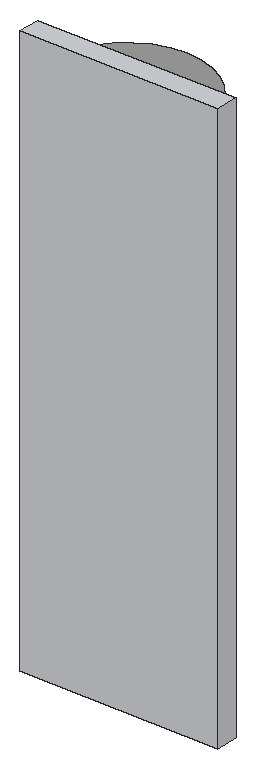
Revit family "7614", category Lighting Fixtures, Revit 2016
Family settings
  Part Type = Normal
  Round Connector Dimension = Use Diameter
  OmniClass Number = 23.80.70.00
  OmniClass Title = Lighting
  Work Plane-Based = No
  Always vertical = Yes
  Cut with Voids When Loaded = No
  Light Source = Yes
  Shared = No
  Room Calculation Point = No
Parameters
  Wattage = 12.1178 W
  built-in parameter 1150110 = 1 (stored number, unit not read)
  built-in parameter 1114217 = 1 (stored number, unit not read)
  built-in parameter 1150109 = 1 (stored number, unit not read)
  built-in parameter 1150134 = (empty or 0)
  built-in parameter 1150113 = 1 (stored number, unit not read)
  Lumens = 1800 lm
  built-in parameter 1150115 = 1 (stored number, unit not read)
  built-in parameter 1150105 = 143.24 (stored number, unit not read)
  Light Source Symbol Size = 2' - 0"
  built-in parameter 1150137 = (empty or 0)
  built-in parameter 1150139 = (empty or 0)
  built-in parameter 1150112 = 1 (stored number, unit not read)
  built-in parameter 1150114 = 1 (stored number, unit not read)
  built-in parameter 1150132 = 2
  built-in parameter 1150102 = (empty or 0)
  built-in parameter 1150138 = (empty or 0)
  built-in parameter 1150107 = 3000 (stored number, unit not read)
  built-in parameter 1150106 = 1.4324 (stored number, unit not read)
  built-in parameter 1150104 = 13.8 (stored number, unit not read)
  Dimming Lamp Color Temperature Shift = (empty or 0)
  Color Filter = 16777215
  built-in parameter 1114218 = 1 (stored number, unit not read)
  built-in parameter 1150133 = 10 (stored number, unit not read)
Reference planes (in)
  plane 1 "Light Source Axis (F/B)": y = 0
  plane 2: z = 0
  plane 3 "Light Source Axis (L/R)": x = 0
  plane 4 "Light Source Elevation": z = 54
  plane 5: z = 1
  plane 6: z = 6
Forms (in)
  Extrusion 1, solid
    sketch origin (0, 0, 0) x (1, 0, 0) y (0, 1, 0)
      loop
        line (-4.5, 0.01522) -> (4.5, 0.01522) -> (4.5, 1.01522) -> (-4.5, 1.01522) -> (-4.5, 0.01522)
    from 0 to 26
  Extrusion 2, solid, material "Default"
    sketch origin (-4.5, -180, 1) x (-1, 0, 0) y (0, -1, 0)
      loop
        arc (-8, -181.01522) -> (-4.5, -183.86267) -> (-1, -181.01522) r 3.57477
        line (-1, -181.01522) -> (-8, -181.01522)
    from 0 to 24
  Extrusion 3, solid
    sketch origin (0, 0.01522, 6) x (-1, 0, 0) y (0, 1, 0)
      loop
        line (3.5, 1) -> (3.6, 1)
        arc (3.6, 1) -> (0, 3.91435) -> (-3.6, 1) r 3.68065
        line (-3.6, 1) -> (-3.5, 1)
        arc (-3.5, 1) -> (0, 3.84744) -> (3.5, 1) r 3.57477
    from 0 to 1.5
  Extrusion 4, solid
    sketch origin (0, 0.01522, 20) x (0, -1, 0) y (1, 0, 0)
      loop
        arc (-1, -3.5) -> (-3.84744, 0) -> (-1, 3.5) r 3.57477
        line (-1, 3.5) -> (-1, 3.6)
        arc (-1, 3.6) -> (-3.91435, 0) -> (-1, -3.6) r 3.68065
        line (-1, -3.6) -> (-1, -3.5)
    from 0 to 1.5
Dimensions and locks (in)
  aligned and locked: plane 3 "Light Source Axis (L/R)" to imposter light
  aligned and locked: plane 1 "Light Source Axis (F/B)" to imposter light
  aligned and locked: plane 4 "Light Source Elevation" to imposter light
  aligned and locked: level to plane 2
